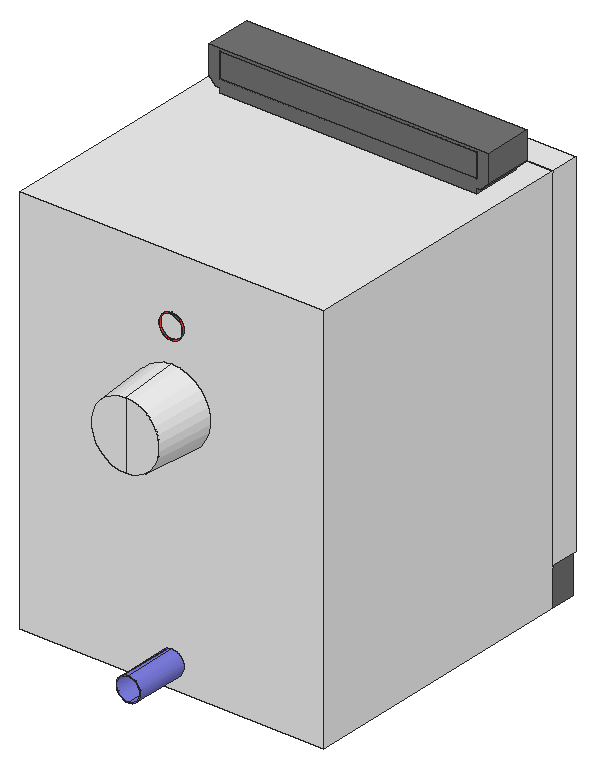
Revit family "Boiler_Eutectic-Cast-Iron_GT 330A _DDR-Americas_2016", category Equipement de génie climatique, Revit 2016
Family settings
  Type d'élément = Normal
  Cote de connecteur circulaire = Utiliser le diamètre
  Numéro OmniClass = 23.75.10.11.14.11
  Titre OmniClass = Cast-Iron Boilers
  Basée sur le plan de construction = Non
  Toujours verticalement = Oui
  Couper avec des vides une fois chargée = Non
  Partagée = Non
  Point de calcul de pièce = Non
Parameters (values of type "GT 334A")
  Wiring Diagram = ""
  Water Resistance Delta T -36 F (Ft. H2O) = 0.121
  Water Resistance Delta T -27 F (Ft. H2O) = 0.215
  Water Resistance Delta T -18 F (Ft. H2O) = 0.483
  Water Operating Temp Range °F /°C = "104-212°F / 40-100°C"
  Water Capacity = 25.4 gal
  Warranty URL = ""
  Voltage = 120 V
  Unit = Paint Ivory Glossy
  URL = "http://www.dedietrichboilers.com/DeDietrichWeb/Default.aspx"
  Subcategory = "Gas-Oil Fired Eutectic Cast Iron Boiler"  # constant formula
  Specifications URL = "http://www.dedietrichboilers.com/DeDietrichWeb/Pages/PagesDefault.aspx?ProductPageID=2"
  SMARTBIM URL = "http://www.SMARTBIM.com"
  SMARTBIM Object Version = 3  # constant formula
  SMARTBIM Object Created By = "SMARTBIM, LLC"  # constant formula
  SMARTBIM Contact = "mailto:SMARTBIM@SMARTBIM.com"
  Radius = 3.5"
  Product Page URL = "http://www.dedietrichboilers.com/DeDietrichWeb/Pages/PagesDefault.aspx?ProductPageID=2"
  Product Brochure = "http://www.dedietrichboilers.com/DeDietrichWeb/Pages/PagesDefault.aspx?ProductPageID=2"
  Piping Layout = "http://www.dedietrichboilers.com/DeDietrichWeb/Pages/PagesDefault.aspx?ProductPageID=2"
  Phase = 1
  Output [Gas-Oil] = "100.8 kW"
  Other Tech data sheets = ""
  Nominal Width = 31.5"  # constant formula
  Nominal Length = 39"
  Nominal Height = 51"  # constant formula
  Model = "GT 334A "
  Max Water Temp Safety Limit = 248 °F
  Manufacturer Toll Free Phone = "1-800-943-6275"  # constant formula
  Manufacturer Phone = "519-650-0420"  # constant formula
  Manufacturer Fax = "519-650-1709"  # constant formula
  Manufacturer Email = "info@dedietrichboilers.com "
  Manufacturer Address = "DDR Americas Inc., 1090 Fountain Street North, Units 10 & 11, Cambridge, ON N3E 1A3"  # constant formula
  Fabricant = "De Dietrich Boilers / DDR Americas Inc."  # constant formula
  Maintenance URL = ""
  Low Nox - Optional = yes
  Installed Weight = "1555"
  Installation/Operating Instructions = "http://www.dedietrichboilers.com/DeDietrichWeb/Pages/PagesDefault.aspx?ProductPageID=2"
  Heat Exchanger Material = "Cast Iron"  # constant formula
  Gas-vent Category = "I, II, III, IV, Sidewall vented and Direct vent (sealed combustion air)"  # constant formula
  Gas Pressure = "7-14 Inches w.c."  # constant formula
  Gas Input = "118 kW"
  Gas Connection = 0"
  Full Load Amps = "<12A"  # constant formula
  Frequency = 60 Hz
  Flue Gas Mass lb/hr = ""
  Firing Turndown Ratio = "5:1"
  Efficiency = 88.00%
  Dry Weight = 1349.00 lbf
  Description = "Near-Condensing Eutectic Cast Iron Boiler"
  Cost Info = "mailto:info@dedietrichboilers.com"
  Category = "Mechanical Equipment"  # constant formula
  Burner Info = ""
  Boiler-vent Connection = Radius * 2  # 7"
  BMS Protocol = ""
  Code d'assemblage = "D3020100"
  Approvals = "CSA, MASS, NY-DEP, ASME, CSD-1, Low Nox certified, CRN"  # constant formula
  ASME Rating MAWP = 90
  95 CSI = "15510"  # constant formula
  04 CSI = "23 52 23"  # constant formula
  #2 Fuel Oil Input = "2.8 USG"
  # Sections = 4
Types (7): name | Water Resistance Delta T -36 F (Ft. H2O) | Water Resistance Delta T -27 F (Ft. H2O) | Water Resistance Delta T -18 F (Ft. H2O) | Water Capacity | Unit | Radius | Output [Gas-Oil] | Nominal Length | Model | Installed Weight | Gas Input | Dry Weight | Boiler-vent Connection | #2 Fuel Oil Input | # Sections
  (no name) | 0.121 | 0.215 | 0.483 | 25.4 gal | Paint Ivory Glossy | 3.5" | "100.8 kW" | 39" | "GT 334A " | "1555" | "118 kW" | 1349.00 lbf | 7" | "2.8 USG" | 4
  GT 334A | 0.121 | 0.215 | 0.483 | 25.4 gal | Paint Ivory Glossy | 3.5" | "100.8 kW" | 39" | "GT 334A " | "1555" | "118 kW" | 1349.00 lbf | 7" | "2.8 USG" | 4
  GT 335A | 0.256 | 0.457 | 1.026 | 30.7 gal | Aluminum Polished | 3.5" | "149.4 kW" | 45.3" | "GT 335A" | "1880" | "175 kW" | 1623.00 lbf | 7" | "4.15 USG" | 5
  GT 336A | 0.525 | 0.933 | 2.099 | 36.0 gal | Aluminum Polished | 3.5" | "201.6 kW" | 51.6" | "GT 336A" | "2165" | "237 kW" | 1865.00 lbf | 7" | "5.6 USG" | 6
  GT 337A | 0.764 | 1.358 | 3.055 | 41.2 gal | Aluminum Polished | 4" | "255.7 kW" | 57.9" | "GT 337A" | "2505" | "300 kW" | 2163.00 lbf | 8" | "7.1 USG" | 7
  GT 338A | 1.094 | 1.945 | 4.38 | 46.5 gal | Aluminum Polished | 4" | "306.1 kW" | 64.2" | "GT 338A" | "2825" | "359 kW" | 2432.00 lbf | 8" | "8.5 USG" | 8
  GT 339A | 1.583 | 2.818 | 6.332 | 51.8 gal | Aluminum Polished | 4" | "360.1 kW" | 70.5" | "GT 339A" | "3145" | "423 kW" | 2712.00 lbf | 8" | "10 USG" | 9
Reference planes (in)
  plane 1 "Center (Front/Back)": y = 0
  plane 2: z = 0
  plane 3 "Center (Left/Right)": x = -0.00591
  plane 4: y = 19.5
  plane 5: y = -19.5
  plane 6: z = 36.62403
  plane 7: z = 51
  plane 8: z = 5.38781
  plane 9: z = 12.28346
  plane 10: z = 16.35433
  plane 11: z = 43.51969
  plane 12: z = 2.95276
  plane 13: y = -13.47638
  plane 14: y = 11.03543
  plane 15: y = -8.24016
  plane 16: x = -15.75591
  plane 17: x = 15.74409
  plane 18: z = 29.11137
  plane 19: x = -11.00151
  plane 20: x = 10.98031
  plane 21: y = 19.1063
  plane 22: y = 18.7126
  plane 23: y = 16.15354
  plane 24: y = 13.20079
  plane 25: x = -14.50182
  plane 26: x = 14.49001
  plane 27: y = 4.73811
  plane 28: y = 9.38
  plane 29: y = 19.1563
  plane 30: y = 19.25
Forms (in)
  Extrusion 1, solid, material "Paint Ivory Glossy" <- "Unit"
    sketch origin (0, 0, 0) x (1, 0, 0) y (0, 0, 1)
      loop
        line (-15.75591, 43.51969) -> (-15.75591, 2.95276) -> (15.74409, 2.95276) -> (15.74409, 43.51969) -> (-15.75591, 43.51969)
    from -16.15354 to 13.47638
  Extrusion 2, solid, material "Paint Ivory Glossy" <- "Unit"
    sketch origin (0, 0, 0) x (1, 0, 0) y (0, 0, 1)
      loop
        line (15.74409, 6.85039) -> (15.74409, 43.51969) -> (-15.75591, 43.51969) -> (-15.75591, 6.85039) -> (-6.50121, 6.85039) -> (-6.50121, 22.59843) -> (6.4894, 22.59843) -> (6.4894, 6.85039) -> (15.74409, 6.85039)
    from -19.1063 to -16.15354
  Extrusion 3, solid, material "Plastic Dark"
    sketch origin (0, 0, 0) x (1, 0, 0) y (0, 0, 1)
      loop
        line (15.75591, 2.95276) -> (15.75591, 6.85039) -> (-15.75591, 6.85039) -> (-15.75591, 2.95276) -> (15.75591, 2.95276)
      loop
        line (6.49091, 22.59843) -> (-6.50121, 22.59843) -> (-6.50121, 6.88039) -> (6.49091, 6.88039) -> (6.49091, 22.59843)
      loop
        circle (0, 15.09688) r 2.55906
    from -18.7126 to -16.15354
  Extrusion 4, solid, material "Render Material 255-255-127"
    sketch origin (0, 0, 0) x (1, 0, 0) y (0, 0, 1)
      loop
        line (2.15869, 22.59843) -> (2.15869, 43.51969) -> (-1.97956, 43.51969) -> (-1.97956, 22.59843) -> (2.15869, 22.59843)
    from -19.25 to -19.1063
  Revolve 5, solid, material "Paint Ivory Glossy" <- "Unit"
    sketch origin (-0.00591, 0, 0) x (0, 1, 0) y (0, 0, 1)
      loop
        line (-13.47638, 33.07589) -> (-19.5, 32.61137) -> (-19.5, 29.11137) -> (-13.47638, 29.11137) -> (-13.47638, 33.07589)
      axis (-13.47638, 29.11137) -> (-19.5, 29.11137)
    angle from 0 to 360
  Revolve 6, solid, material "Render Material 255-0-0"
    sketch origin (-0.00886, 0, 0) x (0, 1, 0) y (0, 0, 1)
      loop
        line (-13.62361, 37.87636) -> (-13.62361, 37.81336) -> (-13.47638, 37.81336) -> (-13.47638, 37.87636) -> (-13.62361, 37.87636)
      axis (-13.47638, 36.62403) -> (-13.62361, 36.62403)
    angle from 0 to 360
  Revolve 7, solid, material "Render Material 255-255-255"
    sketch origin (0.00515, 0, -34.64567) x (0, 1, 0) y (0, 0, 1)
      loop
        line (-19.10138, 41.28581) -> (-19.10138, 41.22281) -> (-13.47638, 41.22281) -> (-13.47638, 41.28581) -> (-19.10138, 41.28581)
      axis (-13.47638, 40.03348) -> (-19.10138, 40.03348)
    angle from 0 to 360
  Blend 8, solid, material "Paint Ivory Glossy" <- "Unit"
    base sketch origin (-1.38734, 0, 0) x (1, 0, 0) y (0, 1, 0)
      loop
        line (11.67868, -7.15748) -> (11.67868, -9.32283) -> (13.05663, -9.32283) -> (13.05663, -7.15748) -> (11.67868, -7.15748)
    top sketch origin (-1.38734, 0, 0) x (1, 0, 0) y (0, 1, 0)
      loop
        line (11.7771, -7.25591) -> (11.7771, -9.22441) -> (12.95821, -9.22441) -> (12.95821, -7.25591) -> (11.7771, -7.25591)
    from 2.95276 to 0
  Blend 9, solid, material "Paint Ivory Glossy" <- "Unit"
    base sketch origin (-1.38734, 19.28478, 0) x (1, 0, 0) y (0, 1, 0)
      loop
        line (11.67868, -7.1601) -> (11.67868, -9.33858) -> (13.05663, -9.33858) -> (13.05663, -7.1601) -> (11.67868, -7.1601)
    top sketch origin (-1.38734, 19.28478, 0) x (1, 0, 0) y (0, 1, 0)
      loop
        line (11.7771, -7.25853) -> (11.7771, -9.24016) -> (12.95821, -9.24016) -> (12.95821, -7.25853) -> (11.7771, -7.25853)
    from 2.95276 to 0
  Blend 10, solid, material "Paint Ivory Glossy" <- "Unit"
    base sketch origin (1.37795, 0, 0) x (-1, 0, 0) y (0, -1, 0)
      loop
        line (11.69049, 7.15748) -> (13.06844, 7.15748) -> (13.06844, 9.32283) -> (11.69049, 9.32283) -> (11.69049, 7.15748)
    top sketch origin (1.37795, 0, 0) x (-1, 0, 0) y (0, -1, 0)
      loop
        line (11.78892, 7.25591) -> (12.97002, 7.25591) -> (12.97002, 9.22441) -> (11.78892, 9.22441) -> (11.78892, 7.25591)
    from 2.95276 to 0
  Blend 11, solid, material "Paint Ivory Glossy" <- "Unit"
    base sketch origin (1.37795, 19.28478, 0) x (-1, 0, 0) y (0, -1, 0)
      loop
        line (11.69049, 7.1601) -> (13.06844, 7.1601) -> (13.06844, 9.33858) -> (11.69049, 9.33858) -> (11.69049, 7.1601)
    top sketch origin (1.37795, 19.28478, 0) x (-1, 0, 0) y (0, -1, 0)
      loop
        line (11.78892, 7.25853) -> (12.97002, 7.25853) -> (12.97002, 9.24016) -> (11.78892, 9.24016) -> (11.78892, 7.25853)
    from 2.95276 to 0
  Extrusion 12, solid, material "Paint Ivory Glossy" <- "Unit"
    sketch origin (0, 19.1063, 46.92913) x (0, 0, -1) y (-1, 0, 0)
      loop
        line (5.51599, 12.40957) -> (6.18021, 11.80928) -> (6.7805, 12.4735) -> (6.11628, 13.07379) -> (5.51599, 12.40957)
      loop
        circle (6.10603, 12.45061) r 0.17906
    from 0 to 0.05
  Extrusion 13, solid, material "Render Material 255-255-127"
    sketch origin (-0.00591, 0, 0) x (0, 1, 0) y (0, 0, 1)
      loop
        line (19.25, 43.76969) -> (16.15354, 43.76969) -> (16.15354, 43.51969) -> (19.25, 43.51969) -> (19.25, 43.76969)
    from -1.97365 to 2.1646
Cuts and joins
  joined: Extrusion 4, Extrusion 13
Dimensions and locks (in)
  equal spacing: plane 4, plane 1 "Center (Front/Back)", plane 5
  locked: Revolve 6 sketch curve to plane 6 at 1.18933
  locked: Revolve 6 sketch curve to Revolve 6 sketch curve at 0.06299
  locked: Revolve 7 sketch curve to plane 8 at 1.18933
  locked: Revolve 7 sketch curve to Revolve 7 sketch curve at 0.06299
  locked: plane 5 to plane 13 at 6.02362
  equal spacing: plane 17, plane 3 "Center (Left/Right)", plane 16
  "Nominal Width": plane 17 to plane 16
  equal spacing: Extrusion 2 sketch curve, plane 3 "Center (Left/Right)", Extrusion 2 sketch curve
  locked: Extrusion 2 sketch curve to plane 12 at 3.89764
  locked: Extrusion 2 sketch curve to Extrusion 2 sketch curve at 15.74803
  Extrusion 4 sketch curve to plane 3 "Center (Left/Right)" = 2.1646"
  locked: plane 11 to Extrusion 4 sketch curve at 20.92126
  locked: Extrusion 3 sketch curve to plane 12 at 12.14412
  locked: Extrusion 3 sketch curve to Extrusion 3 sketch curve at 15.74803
  locked: plane 11 to plane 6 at 6.89565
  locked: plane 8 to plane 12 at 2.43506
  locked: plane 11 to plane 18 at 14.40831
  locked: Revolve 5 sketch curve to Revolve 5 sketch curve at 3.96452
  locked: plane 19 to plane 16 at 4.75439
  locked: plane 20 to plane 17 at 4.76378
  equal spacing: Blend 8 sketch curve, plane 15, Blend 8 sketch curve  (x2)
  equal spacing: Blend 8 sketch curve, plane 20, Blend 8 sketch curve  (x2)
  equal spacing: Blend 10 sketch curve, plane 15, Blend 10 sketch curve  (x2)
  equal spacing: Blend 10 sketch curve, plane 19, Blend 10 sketch curve  (x2)
  equal spacing: Blend 11 sketch curve, plane 14, Blend 11 sketch curve  (x2)
  equal spacing: Blend 11 sketch curve, plane 19, Blend 11 sketch curve  (x2)
  equal spacing: Blend 9 sketch curve, plane 14, Blend 9 sketch curve  (x2)
  equal spacing: Blend 9 sketch curve, plane 20, Blend 9 sketch curve  (x2)
  locked: plane 4 to plane 21 at 0.3937
  locked: plane 4 to plane 23 at 3.34646
  locked: plane 21 to plane 22 at 0.3937
  locked: plane 15 to plane 5 at 11.25984
  locked: plane 22 to plane 14 at 7.67717
  "Radius": Revolve 5 sketch curve to plane 18
  locked: plane 12 to level at 2.95276
  "Nominal Length": plane 4 to plane 5
  plane 14 to plane 15 = 19.27559"
  plane 25 to plane 26 = 28.99183"
  locked: plane 29 to plane 21 at 0.05
  locked: plane 4 to plane 30 at 0.25
  locked: Revolve 7 sketch curve to Extrusion 1 at 5.625
  Extrusion 1 to Revolve 7 = 5.625"
  locked: plane 4 to plane 28 at 10.12
  aligned and locked: Blend 8 to Extrusion 1
  aligned and locked: Blend 8 to level
  aligned and locked: plane 17 to Extrusion 1 sketch curve
  aligned and locked: Extrusion 1 sketch curve to plane 11
  aligned and locked: plane 16 to Extrusion 1 sketch curve
  aligned and locked: Extrusion 1 sketch curve to plane 12
  aligned and locked: Extrusion 2 sketch curve to plane 17
  aligned and locked: Extrusion 2 sketch curve to plane 16
  aligned and locked: plane 11 to Extrusion 2 sketch curve
  aligned and locked: Extrusion 2 sketch curve to Extrusion 2 sketch curve
  aligned and locked: Extrusion 2 to Extrusion 1
  aligned and locked: Extrusion 2 to Extrusion 4
  aligned and locked: plane 11 to Extrusion 4 sketch curve
  aligned and locked: Extrusion 3 sketch curve to plane 12
  aligned and locked: Extrusion 3 sketch curve to plane 16
  aligned and locked: Extrusion 3 to Extrusion 1
  aligned and locked: plane 18 to Revolve 5 sketch curve
  aligned and locked: plane 21 to Extrusion 2
  aligned: Extrusion 4 to plane 4
  aligned and locked: plane 23 to Extrusion 1
  aligned and locked: Extrusion 3 to plane 22
  aligned and locked: Extrusion 2 to plane 23
  aligned and locked: plane 23 to Extrusion 2  (x4)
  aligned: plane 4 to Extrusion 4  (x2)
  aligned and locked: Extrusion 4 to plane 21
  aligned and locked: plane 22 to Extrusion 3  (x2)
  aligned and locked: Extrusion 3 to plane 12
  aligned and locked: Extrusion 1 to plane 12
  aligned and locked: plane 13 to Extrusion 1
  aligned and locked: plane 13 to Revolve 6
  aligned and locked: Revolve 5 to plane 5
  aligned and locked: plane 13 to Revolve 5
  aligned and locked: plane 13 to Revolve 7
  aligned and locked: Blend 10 to level
  aligned and locked: plane 12 to Blend 10
  aligned and locked: plane 12 to Blend 11
  aligned and locked: Extrusion 2 to plane 21  (x4)
  aligned and locked: Extrusion 12 to plane 21
  aligned and locked: Extrusion 12 to plane 29
  aligned and locked: plane 30 to Extrusion 4
  aligned and locked: plane 11 to Extrusion 13 sketch curve
  aligned and locked: plane 30 to Extrusion 13 sketch curve
  aligned and locked: plane 23 to Extrusion 13 sketch curve
  aligned and locked: Extrusion 4 to Extrusion 13
  aligned and locked: Extrusion 13 to Extrusion 4
  aligned and locked: Revolve 7 sketch curve to Extrusion 1
  aligned and locked: nested 1 to plane 11
  aligned and locked: nested 1 to plane 28
Automatic sketch dimensions
  plane 19 to Extrusion 2 sketch curve = 4.5003"
  Extrusion 4 sketch curve to plane 3 "Center (Left/Right)" = 1.97365"
  Revolve 5 sketch curve to plane 5 = 0"
  Revolve 5 sketch curve to plane 13 = 0"
  plane 18 to Revolve 5 sketch curve = 0"
  plane 13 to Revolve 5 sketch curve = 0.98425"
  plane 5 to Revolve 6 sketch curve = 5.87639"
  Revolve 6 sketch curve to plane 6 = 0"
  Revolve 6 sketch curve to plane 13 = 0"
  plane 13 to Revolve 6 sketch curve = 2.75591"
  plane 13 to Revolve 6 sketch curve = 0.98425"
  Revolve 7 sketch curve to plane 8 = 0"
  plane 13 to Revolve 7 sketch curve = 2.75591"
  plane 13 to Revolve 7 sketch curve = 0.98425"
  plane 20 to Blend 8 sketch curve = 0.68898"
  Blend 8 sketch curve to plane 15 = 1.08268"
  plane 20 to Blend 8 sketch curve = 0.59055"
  Blend 8 sketch curve to plane 15 = 0.98425"
  plane 20 to Blend 9 sketch curve = 0.68898"
  plane 28 to Blend 9 sketch curve = 0.56619"
  plane 20 to Blend 9 sketch curve = 0.59055"
  plane 28 to Blend 9 sketch curve = 0.66462"
  Blend 10 sketch curve to plane 19 = 0.68898"
  plane 15 to Blend 10 sketch curve = 1.08268"
  Blend 10 sketch curve to plane 19 = 0.59055"
  plane 15 to Blend 10 sketch curve = 0.98425"
  Blend 11 sketch curve to plane 19 = 0.68898"
  Blend 11 sketch curve to plane 28 = 0.56619"
  Blend 11 sketch curve to plane 19 = 0.59055"
  Blend 11 sketch curve to plane 28 = 0.66462"
  Extrusion 12 sketch curve to plane 11 = 2.10655"
  Extrusion 12 sketch curve to Extrusion 12 sketch curve = 0.59004"
  Extrusion 12 sketch curve to Extrusion 12 sketch curve = 0.01025"
  Extrusion 12 sketch curve to plane 19 = 0.80777"
  Extrusion 12 sketch curve to Extrusion 12 sketch curve = 0.07418"
  Extrusion 12 sketch curve to Extrusion 12 sketch curve = 0.60029"
  Extrusion 12 sketch curve to Extrusion 12 sketch curve = 0.04104"
  plane 3 "Center (Left/Right)" to Extrusion 3 sketch curve = 0.00591"
  plane 20 to Extrusion 3 sketch curve = 4.4894"
  Extrusion 3 sketch curve to plane 17 = 0.01181"
  plane 19 to Extrusion 3 sketch curve = 4.5003"
  Extrusion 3 sketch curve to Extrusion 3 sketch curve = 3.89764"
  plane 12 to Extrusion 3 sketch curve = 3.92764"
  plane 5 to Revolve 5 sketch curve = 2.08661"
  Extrusion 13 sketch curve to Extrusion 13 sketch curve = 0.25"
  radius of Extrusion 12 sketch curve = 0.17906"
  radius of Extrusion 3 sketch curve = 2.55906"
Nested families (in)
  nested 1: "Control Panel" at (-0.41209, 11.88924, 42.86212) x (-1, 0, 0) z (0, 0, 1), type "Control Panel"
Connectors (in)
  piping at (-0.00886, -13.62361, 36.62403), diameter 2.50394
    settings: on Revolve 6, index 3, connector inside diameter 63.6 mm, connector length 0", flow factor 0, pipe flow 0.0 L/s, pressure drop 0.0 Pa, fitting loss kfactor 0, connector angle 0.00°, fixture units 0, engagement length 0", angle of deflection 0.00°, flow configuration 0, flow direction 0, fitting loss method 0, system type 7, joint type 0, gender type 0, connector reference index -1, connector utility 0, adjustable connector no, is connector primary yes, connector description ""
  piping at (0.00515, -19.10138, 5.38781), diameter 2.82
    settings: on Revolve 7, index 4, connector inside diameter 609.6 mm, connector length 0", flow factor 0, pipe flow 0.0 L/s, pressure drop 0.0 Pa, fitting loss kfactor 0, connector angle 0.00°, fixture units 0, engagement length 0", angle of deflection 0.00°, flow configuration 0, flow direction 0, fitting loss method 0, system type 7, joint type 0, gender type 0, connector reference index -1, connector utility 0, adjustable connector no, is connector primary no, connector description ""
Definition of nested family "Control Panel"
  Parameters (values of type "Control Panel")
    Unit = none
    Plates = none
  Reference planes (in)
    plane 1 "Center (Front/Back)": y = 0
    plane 2: z = 0
    plane 3 "Center (Left/Right)": x = 0
  Forms (in)
    Extrusion 1, solid, material <- "Plates"
      sketch origin (0, 52.92873, -61) x (1, 0, 0) y (0, 0, 1)
        loop
          line (14.0979, 65.775) -> (-14.9021, 65.775) -> (-14.9021, 62.95339) -> (-14.09871, 62.15) -> (-13.68335, 62.15) -> (-13.68335, 61.65757) -> (12.87302, 61.65757) -> (12.87302, 62.15) -> (13.29452, 62.15) -> (14.0979, 62.95339) -> (14.0979, 65.775)
        loop
          line (12.87302, 65.5625) -> (-13.68335, 65.5625) -> (-13.68335, 63.01072) -> (12.87302, 63.01072) -> (12.87302, 65.5625)
      from 50.41949 to 55.43797
    Extrusion 2, solid
      sketch origin (0, 24.93373, -61) x (1, 0, 0) y (0, 0, 1)
        loop
          line (-13.68335, 65.5625) -> (-13.68335, 63.01072) -> (12.87302, 63.01072) -> (12.87302, 65.5625) -> (-13.68335, 65.5625)
      from 22.42449 to 27.44297
    Extrusion 3, solid, material <- "Unit"
      sketch origin (0.86079, 1.49616, -43.94642) x (1, 0, 0) y (0, 0, 1)
        loop
          arc (7.68307, 47.97227) -> (-1.28546, 48.50893) -> (-10.25443, 47.97972) r 75.73361
          line (-10.25443, 47.97972) -> (-10.25443, 46.43356)
          arc (-10.25443, 46.43356) -> (-1.28546, 45.90435) -> (7.68307, 46.44102) r 75.73361
          line (7.68307, 46.44102) -> (7.68307, 47.97227)
        loop
          circle (-3.66391, 47.2043) r 1
        loop
          circle (1.05484, 47.2043) r 1
        loop
          line (-5.65959, 47.60327) -> (-5.65959, 46.80533) -> (-4.62971, 46.73331)
          arc (-4.62971, 46.73331) -> (-4.73535, 47.2043) -> (-4.62971, 47.67528) r 1.1027
          line (-4.62971, 47.67528) -> (-5.65959, 47.60327)
        loop
          arc (-2.69704, 47.67302) -> (-2.5929, 47.2354) -> (-2.67219, 46.79261) r 1.1027
          line (-2.67219, 46.79261) -> (0.08743, 46.79261)
          arc (0.08743, 46.79261) -> (0.00813, 47.2354) -> (0.11227, 47.67302) r 1.1027
          line (0.11227, 47.67302) -> (-2.69704, 47.67302)
        loop
          line (3.07131, 47.60327) -> (2.04143, 47.67528)
          arc (2.04143, 47.67528) -> (2.14708, 47.2043) -> (2.04143, 46.73331) r 1.1027
          line (2.04143, 46.73331) -> (3.07131, 46.80533) -> (3.07131, 47.60327)
        loop
          line (4.12268, 46.79261) -> (5.08384, 46.79261) -> (5.08384, 47.67302) -> (4.12268, 47.67302) -> (4.12268, 46.79261)
        loop
          line (6.13009, 46.79261) -> (7.05265, 46.79261) -> (7.05265, 47.67302) -> (6.13009, 47.67302) -> (6.13009, 46.79261)
        loop
          line (-9.62961, 46.86385) -> (-8.87961, 46.86385) -> (-8.87961, 47.61385) -> (-9.62961, 47.61385) -> (-9.62961, 46.86385)
      from 4.0054 to 4.11192
    Extrusion 4, solid
      sketch origin (0, 49.67873, -61) x (1, 0, 0) y (0, 0, 1)
        loop
          line (-10.76882, 63.85493) -> (-10.01882, 63.85493) -> (-10.01882, 64.60493) -> (-10.76882, 64.60493) -> (-10.76882, 63.85493)
        loop
          arc (-11.93261, 64.27447) -> (-12.35685, 64.67818) -> (-12.78108, 64.27447) r 0.42475
          line (-12.78108, 64.27447) -> (-11.93261, 64.27447)
        loop
          arc (-12.77773, 64.21155) -> (-12.35685, 63.8412) -> (-11.93597, 64.21155) r 0.42433
          line (-11.93597, 64.21155) -> (-12.77773, 64.21155)
        loop
          circle (-2.80312, 64.25788) r 0.93402
        loop
          circle (1.91563, 64.25788) r 0.93402
        loop
          line (-8.76882, 63.91743) -> (-8.01882, 63.91743) -> (-8.01882, 64.66743) -> (-8.76882, 64.66743) -> (-8.76882, 63.91743)
        loop
          line (4.98347, 63.84619) -> (5.94463, 63.84619) -> (5.94463, 64.7266) -> (4.98347, 64.7266) -> (4.98347, 63.84619)
        loop
          line (6.99088, 63.84619) -> (7.91344, 63.84619) -> (7.91344, 64.7266) -> (6.99088, 64.7266) -> (6.99088, 63.84619)
      from 52.18797 to 52.29449
  Dimensions and locks (in)
    aligned and locked: plane 2 to level
    aligned and locked: Extrusion 3 to Extrusion 2
    aligned and locked: Extrusion 4 to Extrusion 3
    aligned and locked: Extrusion 4 to Extrusion 1
    aligned and locked: Extrusion 1 to Extrusion 2
